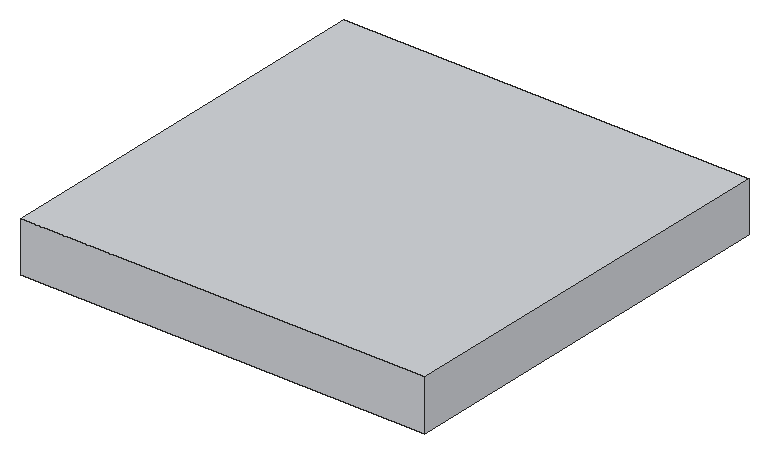
Revit family "00-7389-05-14", category Luminarias, Revit 2017
Family settings
  Anfitrión = Cara
  Cota de conector redondo = Diámetro de uso
  Tipo de pieza = Normal
  Número OmniClass = 23.80.70.00
  Título OmniClass = Lighting
  Corte con vacíos al cargar = No
  Origen de luz = No
  Compartido = Sí
  Punto de cálculo de habitación = No
Parameters (values of type "00-7389-05-14")
  Versión = "v1"
  Vatios (W) = 23
  Tipo de regulación = ""
  Tipo = "Colgante"
  Tender text (English) = "LEDS C4\nAttic Conic Shape\n00-7389-05-14\n\nPendant for indoor and outdoor use. \n\nFor downlighting. Design by Nahtrang. Ideal deco-tech compositions. Timeless design. Highly versatile, multiple installations. Highly customisable: accessories, finishes… No visible screws. Optimum price-performance. Easy instalation. High durability for intensive use. Structure material: Aluminium. Structure finish: White, Black. Warranty: 5 Years.\n\nProduct net weight (Kg): 0.000\nProduct width or diameter (mm): 240\nProduct height (mm): 2500\n\nClass 2. IP: IP20. E27. Maximum length of luminaire bulb: 120. Maximum diameter of luminaire bulb: 100. No. of lampholders or LEDs: 1. Maximum power of light source: 23W. Gear included: No. Total power: 23. Power factor: 1.00."
  Tender text (Castellano) = "LEDS C4\nAttic Conic Shape\n00-7389-05-14\n\nColgante de uso interior y exterior para iluminar hacia abajo. \n\nDiseño de Nahtrang. Ideal composiciones deco-tech. Diseño atemporal. Muy versátil. Múltiples instalaciones. Muy customizable: accesorios, acabados… Sin tornillos a la vista. Òptimo precio-rendimiento. Fácil instalación. Alta durabilidad para uso intensivo. Material estructura: Aluminio. Acabado estructura: Blanco, Negro. Garantía: 5 Años.\n\nPeso neto del producto (Kg): 0.000\nAnchura o diámetro del producto (mm): 240\nAltura del producto (mm): 2500\n\nClase 2. IP: IP20. E27. Longitud máxima de la bombilla que admite la luminaria: 120. Diámetro máximo de la bombilla que admite la luminaria: 100. Nº de portalámparas o Leds: 1. Potencia máxima de la fuente de luz: 23W. Equipo incluido: No. Potencia total: 23. Factor de potencia: 1.00."
  Temperatura color led (K) = ""
  Referencia = "00-7389-05-14"
  Rayo de luz = ""
  Producto descatalogado = "Catalogado ES"
  Pluma comercial = "http://files.leds-c4.com/pl/00-7389-05-14.html"
  Peso neto (KG) = 0
  Material = "Aluminio"
  Lumenes reales (lm) = 0
  LDT = "http://files.leds-c4.com/ldt/00-7389-05-14.html"
  Imagen web = "http://files.leds-c4.com/main-photo/00-7389-05-14"
  IfcExportType = "NOTDEFINED"
  IfcExportAs = "IfcLightFixture\r\nIfcLightFixture"
  IP = "IP20"
  IMC = "http://files.leds-c4.com/imc/00-7389-05-14.html"
  IK = ""
  Fuente de luz = ""
  Fotometría = "http://files.leds-c4.com/fm/00-7389-05-14.html"
  Ficha = "http://files.leds-c4.com/ft/es/00-7389-05-14.html"
  FechaVersion = "Julio 2020"
  Familia = "Attic Conic Shape"
  Fabricante = "LEDS C4"
  Etiqueta V/f = "100-240V/50-60Hz"
  Elevación por defecto = 1000 mm
  Eficiencia energética = "NO BULB"
  EAN13 = "8435526891269"
  DescripcionUniformat2010 = "Lighting"
  DescripcionUniclass2015 = "Lighting"
  DescripcionOmniclass = "Lighting"
  DescripcionGubimclass = "Iluminación interior"
  CodigoUniformat2010 = "D5040"
  CodigoUniclass2015 = "EF_70_80"
  CodigoOmniclass = "21-04 50 40"
  CodigoGubimclass = "50.60.50.20"
  Catálogo = "Decorative"
  Carga aparente = 0 VA
  CRI = 0
  Acabado = "Blanco, Negro"
Values of the unnamed type that differ from the named types
  Vatios (W) = 0
  Tipo = ""
  Tender text (English) = ""
  Tender text (Castellano) = ""
  Referencia = ""
  Producto descatalogado = ""
  Pluma comercial = ""
  Material = ""
  LDT = ""
  Imagen web = ""
  IP = ""
  IMC = ""
  Fotometría = ""
  Ficha = ""
  Familia = ""
  Etiqueta V/f = ""
  Eficiencia energética = ""
  EAN13 = ""
  Catálogo = ""
  Acabado = ""
Reference planes
  plane 1 "Centro (Frontal/Posterior)": y = 0
  plane 2: z = 0
  plane 3 "Centro (Izquierda/Derecha)": x = 0
  plane 4 "Elevación de origen de luz": z = 0
  plane 5 "Eje de origen de luz (F/P)": y = 0
  plane 6 "Eje de origen de luz (I/D)": x = 0
Forms (mm)
  Extrusion 1, solid
    sketch origin (0, 0, 0) x (1, 0, 0) y (0, 1, 0)
      loop
        line (-1219.2, 1219.2) -> (-1219.2, -1219.2) -> (1219.2, -1219.2) -> (1219.2, 1219.2) -> (-1219.2, 1219.2)
    from 0 to -304.8
Dimensions and locks
  aligned and locked: plane 2 to Extrusion 1
  aligned and locked: level to Extrusion 1
Nested families
  nested 1: "Luz anidada" at (0, 0.322, 1386.401), type "Tipo1"
Connectors
  electrical at (0, 0, 0)
    settings: on Extrusion 1, index 1, voltage 0 V, apparent load 0 VA, apparent load phase1 0 VA, apparent load phase2 0 VA, apparent load phase3 0 VA, power factor 1, load classification "Otro", number of poles 1, system type 31, power factor state 1, is connector primary yes, connector utility no, sub classification motor no, connector description ""
Definition of nested family "Luz anidada"
  Parameters (values of type "Tipo1")
    Tilt Angle = 90.00°
    Wattage = 23 W
    Tipo de regulación = ""
    Tipo = ""
    Tender text = ""
    built-in parameter 1150110 = 1 (stored number, unit not read)
    Pluma comercial = ""
    Material = ""
    Imagen = ""
    IP = ""
    IMC = ""
    IK = ""
    Fotometría = ""
    Ficha = ""
    Familia = ""
    Estado en catálogo = ""
    Peso neto = ""
    Lamp = ""
    built-in parameter 1114217 = 1 (stored number, unit not read)
    built-in parameter 1150109 = 1 (stored number, unit not read)
    Etiqueta vf = ""
    Eficiencia energética = ""
    EAN13 = ""
    built-in parameter 1150134 = (empty or 0)
    built-in parameter 1150113 = 1 (stored number, unit not read)
    Lumens = 2391 lm
    built-in parameter 1150115 = 1 (stored number, unit not read)
    built-in parameter 1150105 = 109.82 (stored number, unit not read)
    built-in parameter 1150137 = (empty or 0)
    built-in parameter 1150139 = (empty or 0)
    built-in parameter 1150112 = 1 (stored number, unit not read)
    built-in parameter 1150114 = 1 (stored number, unit not read)
    built-in parameter 1150132 = (empty or 0)
    built-in parameter 1150102 = (empty or 0)
    built-in parameter 1150138 = (empty or 0)
    built-in parameter 1150107 = 2700 (stored number, unit not read)
    built-in parameter 1150106 = 1.0982 (stored number, unit not read)
    built-in parameter 1150104 = 4.6452 (stored number, unit not read)
    Catálogo = ""
    Dimming Lamp Color Temperature Shift = (empty or 0)
    Color Filter = 16777215
    built-in parameter 1114218 = 1 (stored number, unit not read)
    CRI = 0
    Photometric Web File = "00-7389-05-14.ies"
    Acabado = ""
    built-in parameter 1150133 = 10 (stored number, unit not read)
  Reference planes
    plane 1 "Eje de origen de luz (F/P)": y = 0
    plane 2: z = 0
    plane 3 "Eje de origen de luz (I/D)": x = 0
    plane 4 "Elevación de origen de luz": z = 0
  Dimensions and locks
    aligned and locked: plane 3 "Eje de origen de luz (I/D)" to imposter light
    aligned and locked: plane 1 "Eje de origen de luz (F/P)" to imposter light
    aligned and locked: plane 4 "Elevación de origen de luz" to imposter light
    aligned and locked: level to plane 2
